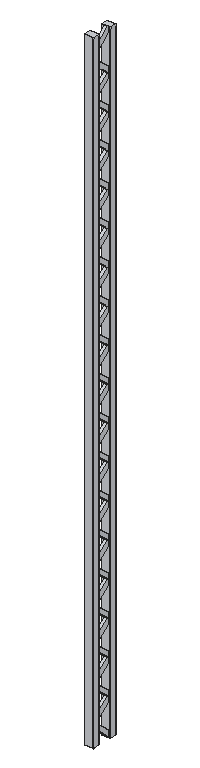
Revit family "GT24Grider5400", category Generic Models, Revit 2019
Family settings
  Can host rebar = No
  Round Connector Dimension = Use Diameter
  Part Type = Normal
  Work Plane-Based = No
  Always vertical = Yes
  Cut with Voids When Loaded = No
  Shared = No
  Room Calculation Point = No
Reference planes
  plane 1 "Center (Front/Back)": y = 0
  plane 2: z = 0
  plane 3 "Center (Left/Right)": x = 0
Forms (mm)
  Extrusion 1, solid
    sketch origin (-40, 60, 0) x (1, 0, 0) y (0, 1, 0)
      loop
        line (5, 0) -> (75, 0)
        arc (75, 0) -> (78.536, 1.464) -> (80, 5) r 5
        line (80, 5) -> (80, 55)
        arc (80, 55) -> (78.536, 58.536) -> (75, 60) r 5
        line (75, 60) -> (5, 60)
        arc (5, 60) -> (1.464, 58.536) -> (0, 55) r 5
        line (0, 55) -> (0, 5)
        arc (0, 5) -> (1.464, 1.464) -> (5, 0) r 5
    from 0 to 5400
  Extrusion 2, solid
    sketch origin (-40, -60, 0) x (1, 0, 0) y (0, 1, 0)
      loop
        arc (5, 0) -> (1.464, -1.464) -> (0, -5) r 5
        line (0, -5) -> (0, -55)
        arc (0, -55) -> (1.464, -58.536) -> (5, -60) r 5
        line (5, -60) -> (75, -60)
        arc (75, -60) -> (78.536, -58.536) -> (80, -55) r 5
        line (80, -55) -> (80, -5)
        arc (80, -5) -> (78.536, -1.464) -> (75, 0) r 5
        line (75, 0) -> (5, 0)
    from 0 to 5400
  Extrusion 3, solid
    sketch origin (0, 0, 0) x (0, 1, 0) y (0, 0, 1)
      loop
        line (60, 261) -> (60, 311) -> (-60, 213) -> (-60, 163) -> (60, 261)
    from -14 to 14
  Extrusion 4, solid
    sketch origin (0, 0, 622) x (0, 1, 0) y (0, 0, 1)
      loop
        line (60, -261) -> (-60, -163) -> (-60, -213) -> (60, -311) -> (60, -261)
    from -14 to 14
  Extrusion 5, solid
    sketch origin (0, 0, 296) x (0, 1, 0) y (0, 0, 1)
      loop
        line (60, 261) -> (60, 311) -> (-60, 213) -> (-60, 163) -> (60, 261)
    from -14 to 14
  Extrusion 6, solid
    sketch origin (0, 0, 592) x (0, 1, 0) y (0, 0, 1)
      loop
        line (60, 261) -> (60, 311) -> (-60, 213) -> (-60, 163) -> (60, 261)
    from -14 to 14
  Extrusion 7, solid
    sketch origin (0, 0, 888) x (0, 1, 0) y (0, 0, 1)
      loop
        line (60, 261) -> (60, 311) -> (-60, 213) -> (-60, 163) -> (60, 261)
    from -14 to 14
  Extrusion 8, solid
    sketch origin (0, 0, 1184) x (0, 1, 0) y (0, 0, 1)
      loop
        line (60, 261) -> (60, 311) -> (-60, 213) -> (-60, 163) -> (60, 261)
    from -14 to 14
  Extrusion 9, solid
    sketch origin (0, 0, 1480) x (0, 1, 0) y (0, 0, 1)
      loop
        line (60, 261) -> (60, 311) -> (-60, 213) -> (-60, 163) -> (60, 261)
    from -14 to 14
  Extrusion 10, solid
    sketch origin (0, 0, 1776) x (0, 1, 0) y (0, 0, 1)
      loop
        line (60, 261) -> (60, 311) -> (-60, 213) -> (-60, 163) -> (60, 261)
    from -14 to 14
  Extrusion 11, solid
    sketch origin (0, 0, 5072) x (0, 1, 0) y (0, 0, 1)
      loop
        line (60, 278) -> (60, 328) -> (-60, 213) -> (-60, 163) -> (60, 278)
    from -14 to 14
  Extrusion 12, solid
    sketch origin (0, 0, 918) x (0, 1, 0) y (0, 0, 1)
      loop
        line (60, -261) -> (-60, -163) -> (-60, -213) -> (60, -311) -> (60, -261)
    from -14 to 14
  Extrusion 13, solid
    sketch origin (0, 0, 1214) x (0, 1, 0) y (0, 0, 1)
      loop
        line (60, -261) -> (-60, -163) -> (-60, -213) -> (60, -311) -> (60, -261)
    from -14 to 14
  Extrusion 14, solid
    sketch origin (0, 0, 1510) x (0, 1, 0) y (0, 0, 1)
      loop
        line (60, -261) -> (-60, -163) -> (-60, -213) -> (60, -311) -> (60, -261)
    from -14 to 14
  Extrusion 15, solid
    sketch origin (0, 0, 1806) x (0, 1, 0) y (0, 0, 1)
      loop
        line (60, -261) -> (-60, -163) -> (-60, -213) -> (60, -311) -> (60, -261)
    from -14 to 14
  Extrusion 16, solid
    sketch origin (0, 0, 2102) x (0, 1, 0) y (0, 0, 1)
      loop
        line (60, -261) -> (-60, -163) -> (-60, -213) -> (60, -311) -> (60, -261)
    from -14 to 14
  Extrusion 17, solid
    sketch origin (0, 0, 2398) x (0, 1, 0) y (0, 0, 1)
      loop
        line (60, -261) -> (-60, -163) -> (-60, -213) -> (60, -311) -> (60, -261)
    from -14 to 14
  Extrusion 18, solid
    sketch origin (0, 0, 326) x (0, 1, 0) y (0, 0, 1)
      loop
        line (60, -326) -> (60, -276) -> (-60, -163) -> (-60, -213) -> (60, -326)
    from -14 to 14
  Extrusion 19, solid
    sketch origin (0, 0, 2072) x (0, 1, 0) y (0, 0, 1)
      loop
        line (60, 261) -> (60, 311) -> (-60, 213) -> (-60, 163) -> (60, 261)
    from -14 to 14
  Extrusion 20, solid
    sketch origin (0, 0, 2694) x (0, 1, 0) y (0, 0, 1)
      loop
        line (60, -261) -> (-60, -163) -> (-60, -213) -> (60, -311) -> (60, -261)
    from -14 to 14
  Extrusion 21, solid
    sketch origin (0, 0, 2368) x (0, 1, 0) y (0, 0, 1)
      loop
        line (60, 261) -> (60, 311) -> (-60, 213) -> (-60, 163) -> (60, 261)
    from -14 to 14
  Extrusion 22, solid
    sketch origin (0, 0, 2990) x (0, 1, 0) y (0, 0, 1)
      loop
        line (60, -261) -> (-60, -163) -> (-60, -213) -> (60, -311) -> (60, -261)
    from -14 to 14
  Extrusion 23, solid
    sketch origin (0, 0, 2664) x (0, 1, 0) y (0, 0, 1)
      loop
        line (60, 261) -> (60, 311) -> (-60, 213) -> (-60, 163) -> (60, 261)
    from -14 to 14
  Extrusion 24, solid
    sketch origin (0, 0, 3286) x (0, 1, 0) y (0, 0, 1)
      loop
        line (60, -261) -> (-60, -163) -> (-60, -213) -> (60, -311) -> (60, -261)
    from -14 to 14
  Extrusion 25, solid
    sketch origin (0, 0, 2960) x (0, 1, 0) y (0, 0, 1)
      loop
        line (60, 261) -> (60, 311) -> (-60, 213) -> (-60, 163) -> (60, 261)
    from -14 to 14
  Extrusion 26, solid
    sketch origin (0, 0, 3582) x (0, 1, 0) y (0, 0, 1)
      loop
        line (60, -261) -> (-60, -163) -> (-60, -213) -> (60, -311) -> (60, -261)
    from -14 to 14
  Extrusion 27, solid
    sketch origin (0, 0, 3256) x (0, 1, 0) y (0, 0, 1)
      loop
        line (60, 261) -> (60, 311) -> (-60, 213) -> (-60, 163) -> (60, 261)
    from -14 to 14
  Extrusion 28, solid
    sketch origin (0, 0, 3878) x (0, 1, 0) y (0, 0, 1)
      loop
        line (60, -261) -> (-60, -163) -> (-60, -213) -> (60, -311) -> (60, -261)
    from -14 to 14
  Extrusion 29, solid
    sketch origin (0, 0, 3552) x (0, 1, 0) y (0, 0, 1)
      loop
        line (60, 261) -> (60, 311) -> (-60, 213) -> (-60, 163) -> (60, 261)
    from -14 to 14
  Extrusion 30, solid
    sketch origin (0, 0, 4174) x (0, 1, 0) y (0, 0, 1)
      loop
        line (60, -261) -> (-60, -163) -> (-60, -213) -> (60, -311) -> (60, -261)
    from -14 to 14
  Extrusion 31, solid
    sketch origin (0, 0, 3848) x (0, 1, 0) y (0, 0, 1)
      loop
        line (60, 261) -> (60, 311) -> (-60, 213) -> (-60, 163) -> (60, 261)
    from -14 to 14
  Extrusion 32, solid
    sketch origin (0, 0, 4470) x (0, 1, 0) y (0, 0, 1)
      loop
        line (60, -261) -> (-60, -163) -> (-60, -213) -> (60, -311) -> (60, -261)
    from -14 to 14
  Extrusion 33, solid
    sketch origin (0, 0, 4144) x (0, 1, 0) y (0, 0, 1)
      loop
        line (60, 261) -> (60, 311) -> (-60, 213) -> (-60, 163) -> (60, 261)
    from -14 to 14
  Extrusion 34, solid
    sketch origin (0, 0, 4766) x (0, 1, 0) y (0, 0, 1)
      loop
        line (60, -261) -> (-60, -163) -> (-60, -213) -> (60, -311) -> (60, -261)
    from -14 to 14
  Extrusion 35, solid
    sketch origin (0, 0, 4440) x (0, 1, 0) y (0, 0, 1)
      loop
        line (60, 261) -> (60, 311) -> (-60, 213) -> (-60, 163) -> (60, 261)
    from -14 to 14
  Extrusion 36, solid
    sketch origin (0, 0, 5062) x (0, 1, 0) y (0, 0, 1)
      loop
        line (60, -261) -> (-60, -163) -> (-60, -213) -> (60, -311) -> (60, -261)
    from -14 to 14
  Extrusion 37, solid
    sketch origin (0, 0, 4736) x (0, 1, 0) y (0, 0, 1)
      loop
        line (60, 261) -> (60, 311) -> (-60, 213) -> (-60, 163) -> (60, 261)
    from -14 to 14
  Extrusion 38, solid
    sketch origin (0, 0, 5358) x (0, 1, 0) y (0, 0, 1)
      loop
        line (60, -261) -> (-60, -163) -> (-60, -213) -> (60, -311) -> (60, -261)
    from -14 to 14
Dimensions and locks
  Extrusion 1 to Extrusion 2 = 240 mm
  aligned and locked: level to plane 2
